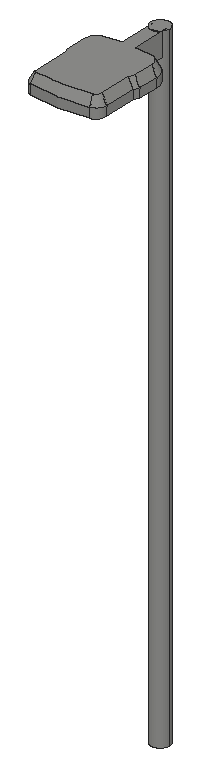
Revit family "VP1_A_", category Lighting Fixtures, host Face, Revit 2019
Family settings
  Host = Face
  Round Connector Dimension = Use Diameter
  Part Type = Normal
  OmniClass Number = 23.80.70.11.14.17
  OmniClass Title = Direct/Indirect
  Cut with Voids When Loaded = No
  Light Source = No
  Shared = Yes
  Room Calculation Point = No
Parameters (values of type "VP-1-A3")
  Wattage Comments = "97.2W"
  Warranty = "Five year warranty"  # constant formula
  Voltage = 120 V
  URL = "https://www.currentlighting.com/beacon"
  Type Comments = "Lighting Fixture"  # constant formula
  Product Page URL = "https://www.currentlighting.com/outdoor-lighting/viper-area-size-1/9606403"
  Product Documentation Link = "https://cdn.currentlighting.com/site/specsheet/BEA_VIPERSPEC.pdf"
  Pole Radius [instance] = Pole Diameter / 2  # 1.75"
  Power Factor = 0.9
  Pole Height [instance] = 120.00"
  Name = "Viper Area Size 1"  # constant formula
  Model = "VP-1-A3"
  Matt Grey = MATT GREY
  Matt Black = Matt Black
  Manufacturer = "Current Lighting"  # constant formula
  Load Classification = Lighting
  Light Output = 6297.00 cd/m²
  Lamp = "LED"  # constant formula
  Grey = Grey
  Glass = Glass
  Pole Diameter [instance] = 3.50"
  Features = "Featuring two different optical technologies, Micro Strike and Strike Optics, which provide the best distribution patterns for retrofit or new construction\r\nVibration rated for high vibration applications including bridges and overpasses\r\nControl options including photo control, occupancy sensing, NX Lighting Controls, wiSCAPE and 7-Pin with networked controls\r\nMounting options include: Arm, Universal Arm, Adjustable Arm, Mast Arm, Decorative Arm, Knuckle, Trunnion, Wall\r\nDistribution options include: Auto Front Row, Type 2, Type 3, Type 4 Forward, Type 4 Wide, Type 5 Narrow, Type 5 Medium, Type 5 Wide, Type 5 Rectangular, Corner Optic, and Tennis Court\r\n\r\n"  # constant formula
  Copyright = "© 2022 Current Lighting"  # constant formula
  Cool Grey = Cool Grey
  Contact Us = "https://www.currentlighting.com/contact-us"
  Certification = "UL"  # constant formula
  Description = "The Viper is an extremely versatile area/site luminaire which blends design, performance, and technology for a variety of applications."  # constant formula
  Default Elevation = 48.00"
  Finish = Arctic White
  Matt White = Matt White
  CRI = "70"  # constant formula
  Brand = "Beacon"  # constant formula
  Assembly Code = "D5020200"
  Apparent Load = 97.2 VA
Types (5): name | Pole Radius | Model | Pole Diameter
  (no name) | 1.75" | "VP-1-A3" | 3.50"
  VP-1-A2 | 1.25" | "VP-1-A2" | 2.50"
  VP-1-A3 | 1.75" | "VP-1-A3" | 3.50"
  VP-1-A4 | 2.09" | "VP-1-A4" | 4.18"
  VP-1-A5 | 2.75" | "VP-1-A5" | 5.50"
Reference planes (in)
  plane 1 "Center (Front/Back)": y = 6.16697
  plane 2: z = 0
  plane 3 "Center (Left/Right)": x = 0
  plane 4: z = 3.75
  plane 5: z = -4.44
  plane 6: x = -1.75
  plane 7: x = 1.75
  plane 8: y = 4.41697
  plane 9: y = 7.91697
  plane 10: z = 120
Forms (in)
  Extrusion 1, solid, material "Cool Grey" <- "Cool Grey"
    sketch origin (0, 0, 0) x (1, 0, 0) y (0, 1, 0)
      loop
        circle (0, 6.16697) r 1.75
    from 0 to 120
Lines and regions (in)
  reference lines
    curve 1: line (0, 14.42606, -3.25) -> (0, 17.42606, -0.25)
    curve 2: line (0, -2.09213, -3.25) -> (0, 14.42606, -3.25)
    curve 3: line (0, -5.09213, -0.25) -> (0, -2.09213, -3.25)
    curve 4: line (0, 14.42606, -3.25) -> (0, 17.42606, -0.25)
    curve 5: line (0, -5.09213, -0.25) -> (0, 17.42606, -0.25)
    curve 6: line (0, 17.17606, -0.77432) -> (0, 17.92606, -0.77432)
    curve 7: line (0, 17.17606, -1.52432) -> (0, 17.17606, -0.77432)
    curve 8: line (0, 16.69614, -1.52432) -> (0, 17.17606, -1.52432)
    curve 9: line (0, 14.92606, -4.25) -> (0, 16.69614, -1.52432)
    curve 10: line (0, -4.3622, -1.52432) -> (0, -2.59213, -4.25)
    curve 11: line (0, -4.84213, -1.52432) -> (0, -4.3622, -1.52432)
    curve 12: line (0, -4.84213, -0.77432) -> (0, -4.84213, -1.52432)
    curve 13: line (0, -5.59213, -0.77432) -> (0, -4.84213, -0.77432)
Dimensions and locks (in)
  plane 4 to plane 2 = 3.75"
  "Pole Diameter": plane 8 to plane 9
  equal spacing: plane 8, plane 1 "Center (Front/Back)", plane 9
  equal spacing: plane 6, plane 3 "Center (Left/Right)", plane 7
  "Pole Diameter": plane 6 to plane 7
  "Pole Height": plane 10 to plane 2
  "Pole Radius": radius of Extrusion 1 sketch curve
  aligned and locked: plane 2 to host face
  aligned and locked: level to host face
  aligned and locked: plane 10 to Extrusion 1
  aligned and locked: nested 1 to plane 10
  aligned and locked: plane 3 "Center (Left/Right)" to nested 1
Automatic sketch dimensions
  host sketch curve to host sketch curve = 96.00"
  host sketch curve to host sketch curve = 85.00"
  curve 3 to level = 0.25"
  plane 8 to curve 3 = 9.50909"
  curve 3 to curve 12 = 0.25"
  curve 11 to curve 11 = 0.47992"
  curve 2 to plane 5 = 1.19"
  curve 10 to curve 2 = 2.27008"
  curve 1 to plane 9 = 6.50909"
  curve 9 to level = 1.52432"
  curve 1 to curve 9 = 2.27008"
  curve 8 to curve 8 = 0.47992"
  curve 6 to curve 4 = 0.25"
  curve 10 to curve 3 = 1.27432"
  curve 7 to curve 1 = 0.52432"
  curve 12 to curve 3 = 0.52432"
  curve 13 to curve 3 = 0.50"
  curve 10 to plane 5 = 0.19"
  curve 10 to curve 2 = 0.50"
  curve 9 to plane 5 = 0.19"
  curve 1 to curve 9 = 0.50"
  curve 1 to curve 6 = 0.50"
  plane 1 "Center (Front/Back)" to Extrusion 1 sketch curve = 0.00"
  Extrusion 1 sketch curve to plane 3 "Center (Left/Right)" = 0.00"
Nested families (in)
  nested 1: "SIZE1" at (0, 4.41697, 118.26) x (1, 0, 0) z (0, -1, 0), type "SIZE1"
Connectors (in)
  electrical at (0, 6.16697, 0), driven by "Power Factor", driven by "Apparent Load", driven by "Voltage"
    settings: on Extrusion 1, index 1, voltage 120 V, apparent load 97.2 VA, apparent load phase1 0 VA, apparent load phase2 0 VA, apparent load phase3 0 VA, power factor 0.9, load classification "Other", number of poles 1, system type 30, power factor state 1, is connector primary yes, connector utility no, sub classification motor no, connector description "Light Fixture"
Definition of nested family "SIZE1"
  Parameters (values of type "SIZE1")
    Width = 14.38"
    Wattage = 97.2 W
    built-in parameter 1150110 = 1 (stored number, unit not read)
    built-in parameter 1114217 = 1 (stored number, unit not read)
    Tilt Angle = 160.00°
    built-in parameter 1150109 = 1 (stored number, unit not read)
    built-in parameter 1150134 = 3
    built-in parameter 1150113 = 1 (stored number, unit not read)
    Photometric Web File = "VP-1-160L-100-3K7-4W-BC.ies"
    Mount Length = 5.00"
    built-in parameter 1150105 = 502.77 (stored number, unit not read)
    Lumens = 6318 lm
    built-in parameter 1150115 = 1 (stored number, unit not read)
    built-in parameter 1150137 = (empty or 0)
    built-in parameter 1150139 = (empty or 0)
    Length = 16.76"
    built-in parameter 1150112 = 1 (stored number, unit not read)
    built-in parameter 1150114 = 1 (stored number, unit not read)
    built-in parameter 1150132 = (empty or 0)
    built-in parameter 1150102 = (empty or 0)
    built-in parameter 1150107 = 3200 (stored number, unit not read)
    built-in parameter 1150138 = (empty or 0)
    built-in parameter 1150106 = 5.0277 (stored number, unit not read)
    Glass = none
    Fixture = none
    built-in parameter 1150104 = 6.0387 (stored number, unit not read)
    Dimming Lamp Color Temperature Shift = (empty or 0)
    Default Elevation = 48.00"
    Color Filter = 16777215
    built-in parameter 1114218 = 1 (stored number, unit not read)
    built-in parameter 1150133 = 10 (stored number, unit not read)
  Reference planes (in)
    plane 1 "Center (Front/Back)": y = 0
    plane 2: z = 0
    plane 3 "Center (Left/Right)": x = 0
    plane 4: x = 7.19
    plane 5: x = -7.19
    plane 6: z = 5
    plane 7: z = 21.76
    plane 8: y = -1.74
    plane 9: y = 1.74
  Forms (in)
    Extrusion 1, solid
      sketch origin (0, 0, 0) x (1, 0, 0) y (0, 1, 0)
        loop
          line (-48, 48) -> (-48, -48) -> (48, -48) -> (48, 48) -> (-48, 48)
      from 0 to -12
    Extrusion 2, solid, material <- "Fixture"
      sketch origin (0, 0, 0) x (1, 0, 0) y (0, 0, 1)
        loop
          line (-6.90972, 13.22202) -> (-7.315, 12.17799) -> (-7.315, 8.14521)
          arc (-7.315, 8.14521) -> (-6.65907, 6.18733) -> (-4.95604, 5.01974) r 3.25
          arc (-4.95604, 5.01974) -> (0, 4.51429) -> (4.95604, 5.01974) r 24.55009
          arc (4.95604, 5.01974) -> (6.65907, 6.18733) -> (7.315, 8.14521) r 3.25
          line (7.315, 8.14521) -> (7.315, 12.17799) -> (6.8775, 13.30502) -> (6.8775, 19.34879)
          arc (6.8775, 19.34879) -> (6.40275, 20.64248) -> (5.20388, 21.32198) r 2
          arc (5.20388, 21.32198) -> (-0.34096, 21.75938) -> (-5.87967, 21.25016) r 32.6804
          arc (-5.87967, 21.25016) -> (-6.61822, 20.82202) -> (-6.90972, 20.01966) r 1.25
          line (-6.90972, 20.01966) -> (-6.90972, 13.22202)
      from 0 to 1.74
    Extrusion 3, solid, material <- "Fixture"
      sketch origin (0, 0, 0) x (0, 1, 0) y (0, 0, 1)
        loop
          line (1.74, 5.63918) -> (-1.6273, 5.63918) -> (-2.86955, -1.406) -> (1.74, -1.406) -> (1.74, 5.63918)
      from -1.24 to 1.24
    Extrusion 4, void
      sketch origin (0, 0, 0) x (1, 0, 0) y (0, 0, 1)
        loop
          line (-5.94707, 9.88637) -> (-5.94707, 8.88637)
          arc (-5.94707, 8.88637) -> (-0.00354, 7.88584) -> (5.94, 8.88637) r 18.15382
          line (5.94, 8.88637) -> (5.94, 9.88637)
          arc (5.94, 9.88637) -> (-0.00354, 8.88584) -> (-5.94707, 9.88637) r 18.15382
        loop
          line (-5.85535, 7.87828) -> (-5.85535, 7.60486)
          arc (-5.85535, 7.60486) -> (0.0002, 6.63584) -> (5.85535, 7.60727) r 18.15382
          line (5.85535, 7.60727) -> (5.85535, 7.88068)
          arc (5.85535, 7.88068) -> (0.0002, 6.91466) -> (-5.85535, 7.87828) r 18.25
        loop
          line (-5.85535, 7.12828) -> (-5.85535, 6.85486)
          arc (-5.85535, 6.85486) -> (0.0002, 5.88584) -> (5.85535, 6.85727) r 18.15382
          line (5.85535, 6.85727) -> (5.85535, 7.13068)
          arc (5.85535, 7.13068) -> (0.0002, 6.16466) -> (-5.85535, 7.12828) r 18.25
      from 1 to 1.75
    Blend 5, solid, material <- "Fixture"
      base sketch origin (0, 0, 0) x (1, 0, 0) y (0, 0, 1)
        loop
          arc (6.8775, 19.34879) -> (6.40275, 20.64248) -> (5.20388, 21.32198) r 2
          arc (5.20388, 21.32198) -> (-0.34096, 21.75938) -> (-5.87967, 21.25016) r 32.6804
          arc (-5.87967, 21.25016) -> (-6.61822, 20.82202) -> (-6.90972, 20.01966) r 1.25
          line (-6.90972, 20.01966) -> (-6.90972, 13.22202) -> (-7.315, 12.17799) -> (-7.315, 8.14521)
          arc (-7.315, 8.14521) -> (-6.65907, 6.18733) -> (-4.95604, 5.01974) r 3.25
          arc (-4.95604, 5.01974) -> (0, 4.51429) -> (4.95604, 5.01974) r 24.55009
          arc (4.95604, 5.01974) -> (6.65907, 6.18733) -> (7.315, 8.14521) r 3.25
          line (7.315, 8.14521) -> (7.315, 12.17799) -> (6.8775, 13.30502) -> (6.8775, 19.34879)
      top sketch origin (0, 0, 0) x (1, 0, 0) y (0, 0, 1)
        loop
          arc (5.8775, 19.34879) -> (5.64012, 19.99564) -> (5.04069, 20.33539) r 1
          arc (5.04069, 20.33539) -> (-0.33448, 20.7594) -> (-5.70371, 20.26576) r 31.6804
          arc (-5.70371, 20.26576) -> (-5.85142, 20.18013) -> (-5.90972, 20.01966) r 0.25
          line (-5.90972, 20.01966) -> (-5.90972, 13.03474) -> (-6.315, 11.99071) -> (-6.315, 8.14521)
          arc (-6.315, 8.14521) -> (-5.87115, 6.80345) -> (-4.71471, 5.99106) r 2.25
          arc (-4.71471, 5.99106) -> (0, 5.51429) -> (4.71471, 5.99106) r 23.55009
          arc (4.71471, 5.99106) -> (5.87115, 6.80345) -> (6.315, 8.14521) r 2.25
          line (6.315, 8.14521) -> (6.315, 11.99071) -> (5.8775, 13.11774) -> (5.8775, 19.34879)
      from 0 to -1.74
    Extrusion 6, void
      sketch origin (0, 0, 0) x (1, 0, 0) y (0, 0, 1)
        loop
          arc (-5.91108, 12.63948) -> (0.07704, 12.98149) -> (6.065, 12.63674) r 52.38328
          line (6.065, 12.63674) -> (6.065, 19.44182) -> (-5.91108, 19.44182) -> (-5.91108, 12.63948)
      from 1 to 1.75
    Extrusion 7, solid, material <- "Fixture"
      sketch origin (0.125, 0, 0) x (1, 0, 0) y (0, 1, 0)
        loop
          line (5.34818, -1) -> (5.34818, -1.20146)
          arc (5.34818, -1.20146) -> (5.35492, -1.23973) -> (5.37436, -1.27339) r 0.1119
          line (5.37436, -1.27339) -> (5.73492, -1.70309)
          arc (5.73492, -1.70309) -> (5.76289, -1.72455) -> (5.79732, -1.73219) r 0.08147
          line (5.79732, -1.73219) -> (5.94, -1.73219) -> (5.94, -1) -> (5.34818, -1)
      from 18.55 to 18.65
    Extrusion 8, solid, material <- "Fixture"
      sketch origin (0.125, 0, -0.90239) x (1, 0, 0) y (0, 1, 0)
        loop
          line (5.34818, -1) -> (5.34818, -1.20146)
          arc (5.34818, -1.20146) -> (5.35492, -1.23973) -> (5.37436, -1.27339) r 0.1119
          line (5.37436, -1.27339) -> (5.73492, -1.70309)
          arc (5.73492, -1.70309) -> (5.76289, -1.72455) -> (5.79732, -1.73219) r 0.08147
          line (5.79732, -1.73219) -> (5.94, -1.73219) -> (5.94, -1) -> (5.34818, -1)
      from 18.55 to 18.65
    Extrusion 9, solid, material <- "Fixture"
      sketch origin (0.125, 0, -1.79421) x (1, 0, 0) y (0, 1, 0)
        loop
          line (5.34818, -1) -> (5.34818, -1.20146)
          arc (5.34818, -1.20146) -> (5.35492, -1.23973) -> (5.37436, -1.27339) r 0.1119
          line (5.37436, -1.27339) -> (5.73492, -1.70309)
          arc (5.73492, -1.70309) -> (5.76289, -1.72455) -> (5.79732, -1.73219) r 0.08147
          line (5.79732, -1.73219) -> (5.94, -1.73219) -> (5.94, -1) -> (5.34818, -1)
      from 18.55 to 18.65
    Extrusion 10, solid, material <- "Fixture"
      sketch origin (0.125, 0, -2.68603) x (1, 0, 0) y (0, 1, 0)
        loop
          line (5.34818, -1) -> (5.34818, -1.20146)
          arc (5.34818, -1.20146) -> (5.35492, -1.23973) -> (5.37436, -1.27339) r 0.1119
          line (5.37436, -1.27339) -> (5.73492, -1.70309)
          arc (5.73492, -1.70309) -> (5.76289, -1.72455) -> (5.79732, -1.73219) r 0.08147
          line (5.79732, -1.73219) -> (5.94, -1.73219) -> (5.94, -1) -> (5.34818, -1)
      from 18.55 to 18.65
    Extrusion 11, solid, material <- "Fixture"
      sketch origin (0.125, 0, -3.57681) x (1, 0, 0) y (0, 1, 0)
        loop
          line (5.34818, -1) -> (5.34818, -1.20146)
          arc (5.34818, -1.20146) -> (5.35492, -1.23973) -> (5.37436, -1.27339) r 0.1119
          line (5.37436, -1.27339) -> (5.73492, -1.70309)
          arc (5.73492, -1.70309) -> (5.76289, -1.72455) -> (5.79732, -1.73219) r 0.08147
          line (5.79732, -1.73219) -> (5.94, -1.73219) -> (5.94, -1) -> (5.34818, -1)
      from 18.55 to 18.65
    Extrusion 12, solid, material <- "Fixture"
      sketch origin (-0.125, 0, 0) x (-1, 0, 0) y (0, -1, 0)
        loop
          line (5.34818, 1) -> (5.94, 1) -> (5.94, 1.73219) -> (5.79732, 1.73219)
          arc (5.79732, 1.73219) -> (5.76289, 1.72455) -> (5.73492, 1.70309) r 0.08147
          line (5.73492, 1.70309) -> (5.37436, 1.27339)
          arc (5.37436, 1.27339) -> (5.35492, 1.23973) -> (5.34818, 1.20146) r 0.1119
          line (5.34818, 1.20146) -> (5.34818, 1)
      from 18.55 to 18.65
    Extrusion 13, solid, material <- "Fixture"
      sketch origin (-0.125, 0, -0.90239) x (-1, 0, 0) y (0, -1, 0)
        loop
          line (5.34818, 1) -> (5.94, 1) -> (5.94, 1.73219) -> (5.79732, 1.73219)
          arc (5.79732, 1.73219) -> (5.76289, 1.72455) -> (5.73492, 1.70309) r 0.08147
          line (5.73492, 1.70309) -> (5.37436, 1.27339)
          arc (5.37436, 1.27339) -> (5.35492, 1.23973) -> (5.34818, 1.20146) r 0.1119
          line (5.34818, 1.20146) -> (5.34818, 1)
      from 18.55 to 18.65
    Extrusion 14, solid, material <- "Fixture"
      sketch origin (-0.125, 0, -1.79421) x (-1, 0, 0) y (0, -1, 0)
        loop
          line (5.34818, 1) -> (5.94, 1) -> (5.94, 1.73219) -> (5.79732, 1.73219)
          arc (5.79732, 1.73219) -> (5.76289, 1.72455) -> (5.73492, 1.70309) r 0.08147
          line (5.73492, 1.70309) -> (5.37436, 1.27339)
          arc (5.37436, 1.27339) -> (5.35492, 1.23973) -> (5.34818, 1.20146) r 0.1119
          line (5.34818, 1.20146) -> (5.34818, 1)
      from 18.55 to 18.65
    Extrusion 15, solid, material <- "Fixture"
      sketch origin (-0.125, 0, -2.68603) x (-1, 0, 0) y (0, -1, 0)
        loop
          line (5.34818, 1) -> (5.94, 1) -> (5.94, 1.73219) -> (5.79732, 1.73219)
          arc (5.79732, 1.73219) -> (5.76289, 1.72455) -> (5.73492, 1.70309) r 0.08147
          line (5.73492, 1.70309) -> (5.37436, 1.27339)
          arc (5.37436, 1.27339) -> (5.35492, 1.23973) -> (5.34818, 1.20146) r 0.1119
          line (5.34818, 1.20146) -> (5.34818, 1)
      from 18.55 to 18.65
    Extrusion 16, solid, material <- "Fixture"
      sketch origin (-0.125, 0, -3.57681) x (-1, 0, 0) y (0, -1, 0)
        loop
          line (5.34818, 1) -> (5.94, 1) -> (5.94, 1.73219) -> (5.79732, 1.73219)
          arc (5.79732, 1.73219) -> (5.76289, 1.72455) -> (5.73492, 1.70309) r 0.08147
          line (5.73492, 1.70309) -> (5.37436, 1.27339)
          arc (5.37436, 1.27339) -> (5.35492, 1.23973) -> (5.34818, 1.20146) r 0.1119
          line (5.34818, 1.20146) -> (5.34818, 1)
      from 18.55 to 18.65
    Extrusion 17, solid, material <- "Glass"
      sketch origin (0, 0, -0.25) x (1, 0, 0) y (0, 0, 1)
        loop
          arc (-5.06487, 19.44182) -> (-5.31236, 19.33931) -> (-5.41487, 19.09182) r 0.35
          line (-5.41487, 19.09182) -> (-5.41487, 14.04182)
          arc (-5.41487, 14.04182) -> (-5.31236, 13.79434) -> (-5.06487, 13.69182) r 0.35
          line (-5.06487, 13.69182) -> (5.11803, 13.69182)
          arc (5.11803, 13.69182) -> (5.36552, 13.79434) -> (5.46803, 14.04182) r 0.35
          line (5.46803, 14.04182) -> (5.46803, 19.09182)
          arc (5.46803, 19.09182) -> (5.36552, 19.33931) -> (5.11803, 19.44182) r 0.35
          line (5.11803, 19.44182) -> (-5.06487, 19.44182)
      from 1 to 1.35
    Extrusion 18, solid, material <- "Glass"
      sketch origin (0, 0, -0.25) x (1, 0, 0) y (0, 0, 1)
        loop
          circle (-4.85829, 18.61694) r 0.15
        loop
          circle (-4.33955, 18.61694) r 0.15
        loop
          circle (-3.8208, 18.61694) r 0.15
        loop
          circle (-3.30205, 18.61694) r 0.15
        loop
          circle (-2.7833, 18.61694) r 0.15
        loop
          circle (-2.26455, 18.61694) r 0.15
        loop
          circle (-1.7458, 18.61694) r 0.15
        loop
          circle (-1.22705, 18.61694) r 0.15
        loop
          circle (-0.70831, 18.61694) r 0.15
        loop
          circle (-4.85829, 18.11694) r 0.15
        loop
          circle (-4.33955, 18.11694) r 0.15
        loop
          circle (-3.8208, 18.11694) r 0.15
        loop
          circle (-3.30205, 18.11694) r 0.15
        loop
          circle (-2.7833, 18.11694) r 0.15
        loop
          circle (-2.26455, 18.11694) r 0.15
        loop
          circle (-1.7458, 18.11694) r 0.15
        loop
          circle (-1.22705, 18.11694) r 0.15
        loop
          circle (-0.70831, 18.11694) r 0.15
        loop
          circle (-4.85829, 17.61694) r 0.15
        loop
          circle (-4.33955, 17.61694) r 0.15
        loop
          circle (-3.8208, 17.61694) r 0.15
        loop
          circle (-3.30205, 17.61694) r 0.15
        loop
          circle (-2.7833, 17.61694) r 0.15
        loop
          circle (-2.26455, 17.61694) r 0.15
        loop
          circle (-1.7458, 17.61694) r 0.15
        loop
          circle (-1.22705, 17.61694) r 0.15
        loop
          circle (-0.70831, 17.61694) r 0.15
        loop
          circle (-4.85829, 17.11694) r 0.15
        loop
          circle (-4.33955, 17.11694) r 0.15
        loop
          circle (-3.8208, 17.11694) r 0.15
        loop
          circle (-3.30205, 17.11694) r 0.15
        loop
          circle (-2.7833, 17.11694) r 0.15
        loop
          circle (-2.26455, 17.11694) r 0.15
        loop
          circle (-1.7458, 17.11694) r 0.15
        loop
          circle (-1.22705, 17.11694) r 0.15
        loop
          circle (-0.70831, 17.11694) r 0.15
        loop
          circle (-4.85829, 16.61694) r 0.15
        loop
          circle (-4.33955, 16.61694) r 0.15
        loop
          circle (-3.8208, 16.61694) r 0.15
        loop
          circle (-3.30205, 16.61694) r 0.15
        loop
          circle (-2.7833, 16.61694) r 0.15
        loop
          circle (-2.26455, 16.61694) r 0.15
        loop
          circle (-1.7458, 16.61694) r 0.15
        loop
          circle (-1.22705, 16.61694) r 0.15
        loop
          circle (-0.70831, 16.61694) r 0.15
        loop
          circle (-4.85829, 16.11694) r 0.15
        loop
          circle (-4.33955, 16.11694) r 0.15
        loop
          circle (-3.8208, 16.11694) r 0.15
        loop
          circle (-3.30205, 16.11694) r 0.15
        loop
          circle (-2.7833, 16.11694) r 0.15
        loop
          circle (-2.26455, 16.11694) r 0.15
        loop
          circle (-1.7458, 16.11694) r 0.15
        loop
          circle (-1.22705, 16.11694) r 0.15
        loop
          circle (-0.70831, 16.11694) r 0.15
        loop
          circle (-4.85829, 15.61694) r 0.15
        loop
          circle (-4.33955, 15.61694) r 0.15
        loop
          circle (-3.8208, 15.61694) r 0.15
        loop
          circle (-3.30205, 15.61694) r 0.15
        loop
          circle (-2.7833, 15.61694) r 0.15
        loop
          circle (-2.26455, 15.61694) r 0.15
        loop
          circle (-1.7458, 15.61694) r 0.15
        loop
          circle (-1.22705, 15.61694) r 0.15
        loop
          circle (-0.70831, 15.61694) r 0.15
        loop
          circle (-4.85829, 15.11694) r 0.15
        loop
          circle (-4.33955, 15.11694) r 0.15
        loop
          circle (-3.8208, 15.11694) r 0.15
        loop
          circle (-3.30205, 15.11694) r 0.15
        loop
          circle (-2.7833, 15.11694) r 0.15
        loop
          circle (-2.26455, 15.11694) r 0.15
        loop
          circle (-1.7458, 15.11694) r 0.15
        loop
          circle (-1.22705, 15.11694) r 0.15
        loop
          circle (-0.70831, 15.11694) r 0.15
        loop
          circle (-4.85829, 14.61694) r 0.15
        loop
          circle (-4.33955, 14.61694) r 0.15
        loop
          circle (-3.8208, 14.61694) r 0.15
        loop
          circle (-3.30205, 14.61694) r 0.15
        loop
          circle (-2.7833, 14.61694) r 0.15
        loop
          circle (-2.26455, 14.61694) r 0.15
        loop
          circle (-1.7458, 14.61694) r 0.15
        loop
          circle (-1.22705, 14.61694) r 0.15
        loop
          circle (-0.70831, 14.61694) r 0.15
      from 1.35 to 1.4
    Extrusion 19, solid, material <- "Glass"
      sketch origin (0, 0, -0.25) x (-1, 0, 0) y (0, 0, -1)
        loop
          circle (-4.85829, -18.61694) r 0.15
        loop
          circle (-4.33955, -18.61694) r 0.15
        loop
          circle (-3.8208, -18.61694) r 0.15
        loop
          circle (-3.30205, -18.61694) r 0.15
        loop
          circle (-2.7833, -18.61694) r 0.15
        loop
          circle (-2.26455, -18.61694) r 0.15
        loop
          circle (-1.7458, -18.61694) r 0.15
        loop
          circle (-1.22705, -18.61694) r 0.15
        loop
          circle (-0.70831, -18.61694) r 0.15
        loop
          circle (-4.85829, -18.11694) r 0.15
        loop
          circle (-4.33955, -18.11694) r 0.15
        loop
          circle (-3.8208, -18.11694) r 0.15
        loop
          circle (-3.30205, -18.11694) r 0.15
        loop
          circle (-2.7833, -18.11694) r 0.15
        loop
          circle (-2.26455, -18.11694) r 0.15
        loop
          circle (-1.7458, -18.11694) r 0.15
        loop
          circle (-1.22705, -18.11694) r 0.15
        loop
          circle (-0.70831, -18.11694) r 0.15
        loop
          circle (-4.85829, -17.61694) r 0.15
        loop
          circle (-4.33955, -17.61694) r 0.15
        loop
          circle (-3.8208, -17.61694) r 0.15
        loop
          circle (-3.30205, -17.61694) r 0.15
        loop
          circle (-2.7833, -17.61694) r 0.15
        loop
          circle (-2.26455, -17.61694) r 0.15
        loop
          circle (-1.7458, -17.61694) r 0.15
        loop
          circle (-1.22705, -17.61694) r 0.15
        loop
          circle (-0.70831, -17.61694) r 0.15
        loop
          circle (-4.85829, -17.11694) r 0.15
        loop
          circle (-4.33955, -17.11694) r 0.15
        loop
          circle (-3.8208, -17.11694) r 0.15
        loop
          circle (-3.30205, -17.11694) r 0.15
        loop
          circle (-2.7833, -17.11694) r 0.15
        loop
          circle (-2.26455, -17.11694) r 0.15
        loop
          circle (-1.7458, -17.11694) r 0.15
        loop
          circle (-1.22705, -17.11694) r 0.15
        loop
          circle (-0.70831, -17.11694) r 0.15
        loop
          circle (-4.85829, -16.61694) r 0.15
        loop
          circle (-4.33955, -16.61694) r 0.15
        loop
          circle (-3.8208, -16.61694) r 0.15
        loop
          circle (-3.30205, -16.61694) r 0.15
        loop
          circle (-2.7833, -16.61694) r 0.15
        loop
          circle (-2.26455, -16.61694) r 0.15
        loop
          circle (-1.7458, -16.61694) r 0.15
        loop
          circle (-1.22705, -16.61694) r 0.15
        loop
          circle (-0.70831, -16.61694) r 0.15
        loop
          circle (-4.85829, -16.11694) r 0.15
        loop
          circle (-4.33955, -16.11694) r 0.15
        loop
          circle (-3.8208, -16.11694) r 0.15
        loop
          circle (-3.30205, -16.11694) r 0.15
        loop
          circle (-2.7833, -16.11694) r 0.15
        loop
          circle (-2.26455, -16.11694) r 0.15
        loop
          circle (-1.7458, -16.11694) r 0.15
        loop
          circle (-1.22705, -16.11694) r 0.15
        loop
          circle (-0.70831, -16.11694) r 0.15
        loop
          circle (-4.85829, -15.61694) r 0.15
        loop
          circle (-4.33955, -15.61694) r 0.15
        loop
          circle (-3.8208, -15.61694) r 0.15
        loop
          circle (-3.30205, -15.61694) r 0.15
        loop
          circle (-2.7833, -15.61694) r 0.15
        loop
          circle (-2.26455, -15.61694) r 0.15
        loop
          circle (-1.7458, -15.61694) r 0.15
        loop
          circle (-1.22705, -15.61694) r 0.15
        loop
          circle (-0.70831, -15.61694) r 0.15
        loop
          circle (-4.85829, -15.11694) r 0.15
        loop
          circle (-4.33955, -15.11694) r 0.15
        loop
          circle (-3.8208, -15.11694) r 0.15
        loop
          circle (-3.30205, -15.11694) r 0.15
        loop
          circle (-2.7833, -15.11694) r 0.15
        loop
          circle (-2.26455, -15.11694) r 0.15
        loop
          circle (-1.7458, -15.11694) r 0.15
        loop
          circle (-1.22705, -15.11694) r 0.15
        loop
          circle (-0.70831, -15.11694) r 0.15
        loop
          circle (-4.85829, -14.61694) r 0.15
        loop
          circle (-4.33955, -14.61694) r 0.15
        loop
          circle (-3.8208, -14.61694) r 0.15
        loop
          circle (-3.30205, -14.61694) r 0.15
        loop
          circle (-2.7833, -14.61694) r 0.15
        loop
          circle (-2.26455, -14.61694) r 0.15
        loop
          circle (-1.7458, -14.61694) r 0.15
        loop
          circle (-1.22705, -14.61694) r 0.15
        loop
          circle (-0.70831, -14.61694) r 0.15
      from 1.35 to 1.4
    Extrusion 20, solid, material <- "Glass"
      sketch origin (0, 0, -0.25) x (1, 0, 0) y (0, 0, 1)
        loop
          arc (-5.04655, 19.1209) -> (-5.22333, 19.04768) -> (-5.29655, 18.8709) r 0.25
          line (-5.29655, 18.8709) -> (-5.29655, 14.3709)
          arc (-5.29655, 14.3709) -> (-5.22333, 14.19412) -> (-5.04655, 14.1209) r 0.25
          line (-5.04655, 14.1209) -> (-0.54655, 14.1209)
          arc (-0.54655, 14.1209) -> (-0.36977, 14.19412) -> (-0.29655, 14.3709) r 0.25
          line (-0.29655, 14.3709) -> (-0.29655, 18.8709)
          arc (-0.29655, 18.8709) -> (-0.36977, 19.04768) -> (-0.54655, 19.1209) r 0.25
          line (-0.54655, 19.1209) -> (-5.04655, 19.1209)
      from 1.35 to 1.37213
    Extrusion 21, solid, material <- "Glass"
      sketch origin (0, 0, -0.25) x (-1, 0, 0) y (0, 0, -1)
        loop
          line (-5.04655, -19.1209) -> (-0.54655, -19.1209)
          arc (-0.54655, -19.1209) -> (-0.36977, -19.04768) -> (-0.29655, -18.8709) r 0.25
          line (-0.29655, -18.8709) -> (-0.29655, -14.3709)
          arc (-0.29655, -14.3709) -> (-0.36977, -14.19412) -> (-0.54655, -14.1209) r 0.25
          line (-0.54655, -14.1209) -> (-5.04655, -14.1209)
          arc (-5.04655, -14.1209) -> (-5.22333, -14.19412) -> (-5.29655, -14.3709) r 0.25
          line (-5.29655, -14.3709) -> (-5.29655, -18.8709)
          arc (-5.29655, -18.8709) -> (-5.22333, -19.04768) -> (-5.04655, -19.1209) r 0.25
      from 1.35 to 1.37213
  Cuts and joins
    Extrusion 4, Extrusion 6 cuts Extrusion 2
    Extrusion 6 cuts Extrusion 3
    Extrusion 6 cuts Blend 5
    joined: Extrusion 2, Extrusion 3, Blend 5
  Dimensions and locks (in)
    equal spacing: plane 4, plane 3 "Center (Left/Right)", plane 5
    "Width": plane 4 to plane 5
    "Length": plane 7 to plane 6
    "Mount Length": plane 6 to plane 2
    aligned and locked: plane 2 to Extrusion 1
    aligned and locked: level to Extrusion 1
  Automatic sketch dimensions
    Extrusion 1 sketch curve to Extrusion 1 sketch curve = 96.00"  (x2)
    Extrusion 2 sketch curve to plane 3 "Center (Left/Right)" = 0.00"
    Extrusion 2 sketch curve to plane 3 "Center (Left/Right)" = 0.12919"
    plane 5 to Extrusion 2 sketch curve = 3.125"
    plane 5 to Extrusion 2 sketch curve = 1.53028"
    plane 5 to Extrusion 2 sketch curve = 0.28028"
    Extrusion 2 sketch curve to plane 5 = 0.125"
    Extrusion 2 sketch curve to plane 4 = 3.125"
    Extrusion 2 sketch curve to plane 4 = 2.3125"
    Extrusion 2 sketch curve to plane 4 = 0.3125"
    plane 4 to Extrusion 2 sketch curve = 0.125"
    Extrusion 2 sketch curve to level = 10.92033"
    plane 6 to Extrusion 2 sketch curve = 3.14521"
    Extrusion 2 sketch curve to Extrusion 2 sketch curve = 0.00"  (x2)
    Extrusion 2 sketch curve to Extrusion 2 sketch curve = 4.03278"  (x2)
    Extrusion 2 sketch curve to Extrusion 2 sketch curve = 1.04403"
    Extrusion 2 sketch curve to Extrusion 2 sketch curve = 1.12703"
    Extrusion 2 sketch curve to plane 7 = 2.41121"
    Extrusion 2 sketch curve to plane 7 = 1.74034"
    plane 7 to Extrusion 2 sketch curve = 7.30438"
    plane 6 to Extrusion 2 sketch curve = 0.01974"
    Extrusion 3 sketch curve to level = 1.406"
    Extrusion 3 sketch curve to plane 9 = 0.00"
    Extrusion 3 sketch curve to plane 8 = 0.1127"
    plane 8 to Extrusion 3 sketch curve = 1.12955"
    plane 6 to Extrusion 3 sketch curve = 0.63918"
    plane 5 to Extrusion 4 sketch curve = 1.24293"
    plane 5 to Extrusion 4 sketch curve = 1.33465"
    Extrusion 4 sketch curve to Extrusion 4 sketch curve = 0.00"  (x2)
    Extrusion 4 sketch curve to plane 3 "Center (Left/Right)" = 0.00354"  (x6)
    Extrusion 4 sketch curve to plane 4 = 1.33465"
    Extrusion 4 sketch curve to plane 4 = 1.25"
    plane 6 to Extrusion 4 sketch curve = 1.85486"
    level to Extrusion 4 sketch curve = 6.85727"
    Extrusion 4 sketch curve to Extrusion 4 sketch curve = 0.27343"  (x2)
    Extrusion 4 sketch curve to Extrusion 4 sketch curve = 0.27341"  (x2)
    Extrusion 4 sketch curve to Extrusion 4 sketch curve = 0.47657"
    Extrusion 4 sketch curve to Extrusion 4 sketch curve = 0.47659"
    Extrusion 4 sketch curve to Extrusion 4 sketch curve = 1.00808"
    Extrusion 4 sketch curve to Extrusion 4 sketch curve = 1.00"  (x2)
    Extrusion 4 sketch curve to Extrusion 4 sketch curve = 0.875"
    Blend 5 sketch curve to plane 3 "Center (Left/Right)" = 0.00"  (x2)
    Blend 5 sketch curve to plane 3 "Center (Left/Right)" = 0.12919"  (x2)
    plane 5 to Blend 5 sketch curve = 3.125"  (x2)
    plane 5 to Blend 5 sketch curve = 1.53028"  (x2)
    plane 5 to Blend 5 sketch curve = 0.28028"
    Blend 5 sketch curve to plane 5 = 0.125"
    Blend 5 sketch curve to plane 4 = 3.125"  (x2)
    Blend 5 sketch curve to plane 4 = 2.3125"  (x2)
    Blend 5 sketch curve to plane 4 = 0.3125"
    plane 4 to Blend 5 sketch curve = 0.125"
    Blend 5 sketch curve to level = 10.92033"  (x2)
    plane 6 to Blend 5 sketch curve = 3.14521"  (x2)
    level to Blend 5 sketch curve = 8.14521"  (x2)
    Blend 5 sketch curve to Blend 5 sketch curve = 4.03278"  (x2)
    Blend 5 sketch curve to Blend 5 sketch curve = 1.04403"  (x2)
    Blend 5 sketch curve to Blend 5 sketch curve = 1.12703"  (x2)
    Blend 5 sketch curve to plane 7 = 2.41121"  (x2)
    Blend 5 sketch curve to plane 7 = 1.74034"  (x2)
    plane 7 to Blend 5 sketch curve = 7.30438"  (x2)
    plane 6 to Blend 5 sketch curve = 0.01974"
    Blend 5 sketch curve to Blend 5 sketch curve = 0.00"  (x2)
    Blend 5 sketch curve to Blend 5 sketch curve = 0.25"
    plane 5 to Blend 5 sketch curve = 0.875"
    Blend 5 sketch curve to plane 4 = 1.3125"
    Blend 5 sketch curve to plane 4 = 0.875"
    Blend 5 sketch curve to Blend 5 sketch curve = 3.8455"  (x2)
    plane 6 to Blend 5 sketch curve = 0.99106"
    plane 5 to Extrusion 6 sketch curve = 1.27892"
    plane 3 "Center (Left/Right)" to Extrusion 6 sketch curve = 0.06506"
    Extrusion 6 sketch curve to plane 4 = 1.125"
    Extrusion 6 sketch curve to level = 39.4018"
    plane 6 to Extrusion 6 sketch curve = 7.63674"
    Extrusion 6 sketch curve to plane 7 = 2.31818"
    Extrusion 7 sketch curve to plane 4 = 1.71682"
    Extrusion 7 sketch curve to plane 8 = 0.46661"
    Extrusion 7 sketch curve to Extrusion 7 sketch curve = 0.02618"
    Extrusion 7 sketch curve to Extrusion 7 sketch curve = 0.1119"
    Extrusion 7 sketch curve to plane 8 = 0.03691"
    Extrusion 7 sketch curve to Extrusion 7 sketch curve = 0.36056"
    Extrusion 7 sketch curve to plane 8 = 0.00781"
    Extrusion 7 sketch curve to Extrusion 7 sketch curve = 0.06241"
    Extrusion 7 sketch curve to Extrusion 7 sketch curve = 0.47992"
    Extrusion 7 sketch curve to Extrusion 7 sketch curve = 0.20146"
    Extrusion 8 sketch curve to plane 4 = 1.71682"
    Extrusion 8 sketch curve to plane 8 = 0.46661"
    Extrusion 8 sketch curve to Extrusion 8 sketch curve = 0.02618"
    Extrusion 8 sketch curve to Extrusion 8 sketch curve = 0.1119"
    Extrusion 8 sketch curve to plane 8 = 0.03691"
    Extrusion 8 sketch curve to Extrusion 8 sketch curve = 0.36056"
    Extrusion 8 sketch curve to plane 8 = 0.00781"
    Extrusion 8 sketch curve to Extrusion 8 sketch curve = 0.06241"
    Extrusion 8 sketch curve to Extrusion 8 sketch curve = 0.47992"
    Extrusion 8 sketch curve to Extrusion 8 sketch curve = 0.20146"
    Extrusion 9 sketch curve to plane 4 = 1.71682"
    Extrusion 9 sketch curve to plane 8 = 0.46661"
    Extrusion 9 sketch curve to Extrusion 9 sketch curve = 0.02618"
    Extrusion 9 sketch curve to Extrusion 9 sketch curve = 0.1119"
    Extrusion 9 sketch curve to plane 8 = 0.03691"
    Extrusion 9 sketch curve to Extrusion 9 sketch curve = 0.36056"
    Extrusion 9 sketch curve to plane 8 = 0.00781"
    Extrusion 9 sketch curve to Extrusion 9 sketch curve = 0.06241"
    Extrusion 9 sketch curve to Extrusion 9 sketch curve = 0.47992"
    Extrusion 9 sketch curve to Extrusion 9 sketch curve = 0.20146"
    Extrusion 10 sketch curve to plane 4 = 1.71682"
    Extrusion 10 sketch curve to plane 8 = 0.46661"
    Extrusion 10 sketch curve to Extrusion 10 sketch curve = 0.02618"
    Extrusion 10 sketch curve to Extrusion 10 sketch curve = 0.1119"
    Extrusion 10 sketch curve to plane 8 = 0.03691"
    Extrusion 10 sketch curve to Extrusion 10 sketch curve = 0.36056"
    Extrusion 10 sketch curve to plane 8 = 0.00781"
    Extrusion 10 sketch curve to Extrusion 10 sketch curve = 0.06241"
    Extrusion 10 sketch curve to Extrusion 10 sketch curve = 0.47992"
    Extrusion 10 sketch curve to Extrusion 10 sketch curve = 0.20146"
    Extrusion 11 sketch curve to plane 4 = 1.71682"
    Extrusion 11 sketch curve to plane 8 = 0.46661"
    Extrusion 11 sketch curve to Extrusion 11 sketch curve = 0.02618"
    Extrusion 11 sketch curve to Extrusion 11 sketch curve = 0.1119"
    Extrusion 11 sketch curve to plane 8 = 0.03691"
    Extrusion 11 sketch curve to Extrusion 11 sketch curve = 0.36056"
    Extrusion 11 sketch curve to plane 8 = 0.00781"
    Extrusion 11 sketch curve to Extrusion 11 sketch curve = 0.06241"
    Extrusion 11 sketch curve to Extrusion 11 sketch curve = 0.47992"
    Extrusion 11 sketch curve to Extrusion 11 sketch curve = 0.20146"
    Extrusion 12 sketch curve to plane 5 = 1.71682"
    plane 8 to Extrusion 12 sketch curve = 0.46661"
    Extrusion 12 sketch curve to Extrusion 12 sketch curve = 0.02618"
    Extrusion 12 sketch curve to Extrusion 12 sketch curve = 0.1119"
    plane 8 to Extrusion 12 sketch curve = 0.03691"
    Extrusion 12 sketch curve to Extrusion 12 sketch curve = 0.36056"
    plane 8 to Extrusion 12 sketch curve = 0.00781"
    Extrusion 12 sketch curve to Extrusion 12 sketch curve = 0.06241"
    Extrusion 12 sketch curve to Extrusion 12 sketch curve = 0.47992"
    Extrusion 12 sketch curve to Extrusion 12 sketch curve = 0.20146"
    plane 5 to Extrusion 13 sketch curve = 1.71682"
    Extrusion 13 sketch curve to plane 8 = 0.46661"
    Extrusion 13 sketch curve to Extrusion 13 sketch curve = 0.02618"
    Extrusion 13 sketch curve to Extrusion 13 sketch curve = 0.1119"
    Extrusion 13 sketch curve to plane 8 = 0.03691"
    Extrusion 13 sketch curve to Extrusion 13 sketch curve = 0.36056"
    Extrusion 13 sketch curve to plane 8 = 0.00781"
    Extrusion 13 sketch curve to Extrusion 13 sketch curve = 0.06241"
    Extrusion 13 sketch curve to Extrusion 13 sketch curve = 0.47992"
    Extrusion 13 sketch curve to Extrusion 13 sketch curve = 0.20146"
    plane 5 to Extrusion 14 sketch curve = 1.71682"
    Extrusion 14 sketch curve to plane 8 = 0.46661"
    Extrusion 14 sketch curve to Extrusion 14 sketch curve = 0.02618"
    Extrusion 14 sketch curve to Extrusion 14 sketch curve = 0.1119"
    Extrusion 14 sketch curve to plane 8 = 0.03691"
    Extrusion 14 sketch curve to Extrusion 14 sketch curve = 0.36056"
    Extrusion 14 sketch curve to plane 8 = 0.00781"
    Extrusion 14 sketch curve to Extrusion 14 sketch curve = 0.06241"
    Extrusion 14 sketch curve to Extrusion 14 sketch curve = 0.47992"
    Extrusion 14 sketch curve to Extrusion 14 sketch curve = 0.20146"
    plane 5 to Extrusion 15 sketch curve = 1.71682"
    Extrusion 15 sketch curve to plane 8 = 0.46661"
    Extrusion 15 sketch curve to Extrusion 15 sketch curve = 0.02618"
    Extrusion 15 sketch curve to Extrusion 15 sketch curve = 0.1119"
    Extrusion 15 sketch curve to plane 8 = 0.03691"
    Extrusion 15 sketch curve to Extrusion 15 sketch curve = 0.36056"
    Extrusion 15 sketch curve to plane 8 = 0.00781"
    Extrusion 15 sketch curve to Extrusion 15 sketch curve = 0.06241"
    Extrusion 15 sketch curve to Extrusion 15 sketch curve = 0.47992"
    Extrusion 15 sketch curve to Extrusion 15 sketch curve = 0.20146"
    plane 5 to Extrusion 16 sketch curve = 1.71682"
    Extrusion 16 sketch curve to plane 8 = 0.46661"
    Extrusion 16 sketch curve to Extrusion 16 sketch curve = 0.02618"
    Extrusion 16 sketch curve to Extrusion 16 sketch curve = 0.1119"
    Extrusion 16 sketch curve to plane 8 = 0.03691"
    Extrusion 16 sketch curve to Extrusion 16 sketch curve = 0.36056"
    Extrusion 16 sketch curve to plane 8 = 0.00781"
    Extrusion 16 sketch curve to Extrusion 16 sketch curve = 0.06241"
    Extrusion 16 sketch curve to Extrusion 16 sketch curve = 0.47992"
    Extrusion 16 sketch curve to Extrusion 16 sketch curve = 0.20146"
    plane 5 to Extrusion 18 sketch curve = 2.33171"
    Extrusion 18 sketch curve to Extrusion 18 sketch curve = 0.00"  (x61)
    Extrusion 18 sketch curve to Extrusion 18 sketch curve = 0.51875"  (x27)
    Extrusion 18 sketch curve to plane 7 = 7.39306"
    Extrusion 18 sketch curve to Extrusion 18 sketch curve = 0.50"  (x72)
    plane 4 to Extrusion 19 sketch curve = 2.33171"
    Extrusion 19 sketch curve to Extrusion 19 sketch curve = 0.00"  (x61)
    Extrusion 19 sketch curve to Extrusion 19 sketch curve = 0.51875"  (x27)
    plane 7 to Extrusion 19 sketch curve = 7.39306"
    Extrusion 19 sketch curve to Extrusion 19 sketch curve = 0.50"  (x72)
    plane 5 to Extrusion 20 sketch curve = 1.89345"
    Extrusion 20 sketch curve to Extrusion 20 sketch curve = 0.25"  (x3)
    Extrusion 20 sketch curve to plane 3 "Center (Left/Right)" = 0.54655"  (x2)
    Extrusion 20 sketch curve to plane 7 = 7.8891"
    Extrusion 20 sketch curve to plane 7 = 3.1391"
    plane 4 to Extrusion 21 sketch curve = 1.89345"
    Extrusion 21 sketch curve to Extrusion 21 sketch curve = 0.25"  (x3)
    Extrusion 21 sketch curve to plane 3 "Center (Left/Right)" = 0.54655"  (x2)
    plane 7 to Extrusion 21 sketch curve = 7.8891"
    plane 7 to Extrusion 21 sketch curve = 3.1391"
    plane 5 to Extrusion 17 sketch curve = 1.77513"
    Extrusion 17 sketch curve to Extrusion 17 sketch curve = 0.35"  (x3)
    Extrusion 17 sketch curve to plane 4 = 2.07197"  (x2)
    Extrusion 17 sketch curve to plane 7 = 8.31818"
    Extrusion 17 sketch curve to plane 7 = 2.91818"
    radius of Extrusion 18 sketch curve = 0.15"  (x81)
    radius of Extrusion 19 sketch curve = 0.15"  (x81)
